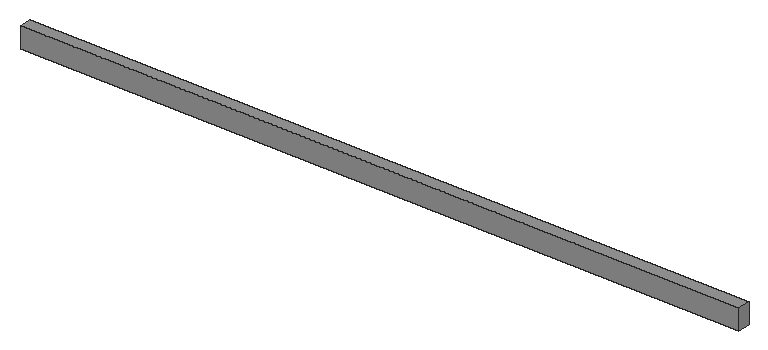
Revit family "A62_63_UN_Line Surface Mounted_ETK", category Lighting Fixtures, Revit 2019
Family settings
  Round Connector Dimension = Use Diameter
  Part Type = Normal
  OmniClass Number = 23.80.70.11.14.11
  OmniClass Title = Downlights
  Work Plane-Based = No
  Always vertical = Yes
  Cut with Voids When Loaded = No
  Light Source = Yes
  Shared = No
  Room Calculation Point = Yes
Parameters (values of type "A62.2 LED 82W 3000K 11510Lm zwart mat RAL9005 voedingsmodule 2805mm LINEpro light pendel (A6-604PL.A280.30.06)")
  Wattage Comments = "82"
  Wattage = 3.36605 W
  built-in parameter 1150110 = 1 (stored number, unit not read)
  Voltage = 230 V
  URL = "www.etk.nl"
  Type Comments = "Line Surface Mounted"
  built-in parameter 1114217 = 1 (stored number, unit not read)
  Tilt Angle = 90.00°
  built-in parameter 1150109 = 1 (stored number, unit not read)
  built-in parameter 1150134 = 3
  Symbol_ToScale [instance] = not(Symbol_RealSize)  # no
  Symbol_RealSize [instance] = yes
  Switch Code [instance] = ""
  built-in parameter 1150113 = 1 (stored number, unit not read)
  Photometric Web File = "A62.2810.35_LDT.ies"
  Model = "A62"
  Manufacturer = "ETK B.V."
  built-in parameter 1150105 = 39.789 (stored number, unit not read)
  Luminous Flux (lm) = 6346.3 lm
  Lumens = 6346.3 lm
  built-in parameter 1150115 = 1 (stored number, unit not read)
  Luminaire Code [instance] = ""
  built-in parameter 1150137 = (empty or 0)
  built-in parameter 1150139 = (empty or 0)
  built-in parameter 1150112 = 1 (stored number, unit not read)
  built-in parameter 1150114 = 1 (stored number, unit not read)
  Lamp = "LED"
  L4 = 2605 mm
  L3 = 2 mm
  L2 = 45 mm
  L1 = 2805 mm
  built-in parameter 1150132 = 2
  built-in parameter 1150102 = (empty or 0)
  built-in parameter 1150107 = 3200 (stored number, unit not read)
  built-in parameter 1150138 = (empty or 0)
  built-in parameter 1150106 = 0.39789 (stored number, unit not read)
  IfcExportType = "USERDEFINED"
  IfcExportAs = "IfcLightFixtureType"
  ISBN Code = "ISBNCODE"
  IP Value = "IP20"
  IK Value = "-"
  Housing_Material = Select RGB Value for different appearance
  H1 = 82 mm
  GTIN Code = "GTINCODE"
  Emit from Rectangle Width = L1 - (L3 * 2)  # 2801 mm
  Emit from Rectangle Length = L2 - (L3 * 2)  # 41 mm
  Emit Shape Visible in Rendering = no
  built-in parameter 1150104 = 13.8 (stored number, unit not read)
  ETIM Code = "ETIMCODE"
  Dimming Lamp Color Temperature Shift = (empty or 0)
  Description = ""
  Content Creator® = "www.ivlibrary.com"
  Color Filter = 16777215
  Calc_L2_Symbol = L2 / 100  # 0.45 mm
  Calc_L1_Symbol = L1 / 100  # 28.05 mm
  built-in parameter 1114218 = 1 (stored number, unit not read)
  built-in parameter 1150133 = 10 (stored number, unit not read)
  Assembly Code = "63.0"
  Apparent Load = 82 VA
Types (56, lengths in mm): name | Wattage Comments | Photometric Web File | Manufacturer | Luminous Flux (lm) | Lumens | L4 | L1 | Emit from Rectangle Width | Calc_L1_Symbol | Apparent Load
  A62.2 LED 82W 4000K 12000Lm zwart mat RAL9005 DALI voedingsmodule 2805mm LINEpro light pendel (A6-604PL.A280.40.06/DIMM 2-3) | "82" | "A62.2863.35_LDT.ies" | "ETK B.V." | 6618.1 lm | 6618.1 lm | 2605 | 2805 | 2801 | 28.05 | 82 VA
  A62.2 LED 82W 4000K 12000Lm wit mat RAL9003 DALI voedingsmodule 2805mm LINEpro light pendel (A6-604PL.A280.40.08/DIMM 2-3) | "82" | "A62.2863.15_LDT.ies" | "ETK B.V." | 6618.1 lm | 6618.1 lm | 2605 | 2805 | 2801 | 28.05 | 82 VA
  A62.2 LED 82W 4000K 12000Lm wit mat RAL9003 voedingsmodule 2805mm LINEpro light pendel (A6-604PL.A280.40.08) | "82" | "A62.2860.15_LDT.ies" | "ETK B.V." | 6618.1 lm | 6618.1 lm | 2605 | 2805 | 2801 | 28.05 | 82 VA
  A62.2 LED 82W 4000K 12000Lm zwart mat RAL9005 voedingsmodule 2805mm LINEpro light pendel (A6-604PL.A280.40.06) | "82" | "A62.2860.35_LDT.ies" | "ETK B.V." | 6618.1 lm | 6618.1 lm | 2605 | 2805 | 2801 | 28.05 | 82 VA
  A62.2 LED 82W 3000K 11510Lm zwart mat RAL9005 voedingsmodule 2805mm LINEpro light pendel (A6-604PL.A280.30.06) | "82" | "A62.2810.35_LDT.ies" | "ETK B.V." | 6346.3 lm | 6346.3 lm | 2605 | 2805 | 2801 | 28.05 | 82 VA
  A62.2 LED 82W 3000K 11510Lm wit mat RAL9003 voedingsmodule 2805mm LINEpro light pendel (A6-604PL.A280.30.08) | "82" | "A62.2810.15_LDT.ies" | "ETK B.V." | 6346.3 lm | 6346.3 lm | 2605 | 2805 | 2801 | 28.05 | 82 VA
  A62.2 LED 82W 3000K 11510Lm wit mat RAL9003 DALI voedingsmodule 2805mm LINEpro light pendel (A6-604PL.A280.30.08/DIMM 2-3) | "82" | "A62.2813.15_LDT.ies" | "ETK B.V." | 6346.3 lm | 6346.3 lm | 2605 | 2805 | 2801 | 28.05 | 82 VA
  A62.2 LED 82W 3000K 11510Lm zwart mat RAL9005 DALI voedingsmodule 2805mm LINEpro light pendel (A6-604PL.A280.30.06/DIMM 2-3) | "82" | "A62.2813.35_LDT.ies" | "ETK B.V." | 6346.3 lm | 6346.3 lm | 2605 | 2805 | 2801 | 28.05 | 82 VA
  A62.2 LED 75W 4000K 10800Lm wit mat RAL9003 voedingsmodule 2525mm LINEpro light pendel (A6-604PL.A252.40.08) | "75" | "A62.2760.15_LDT.ies" | "ETK B.V." | 5956.29 lm | 5956.29 lm | 2325 | 2525 | 2521 | 25.25 | 75 VA
  A62.2 LED 75W 4000K 10800Lm wit mat RAL9003 DALI voedingsmodule 2525mm LINEpro light pendel (A6-604PL.A252.40.08/DIMM 2-3) | "75" | "A62.2763.15_LDT.ies" | "ETK B.V." | 5956.29 lm | 5956.29 lm | 2325 | 2525 | 2521 | 25.25 | 75 VA
  A62.2 LED 75W 4000K 10800Lm zwart mat RAL9005 voedingsmodule 2525mm LINEpro light pendel (A6-604PL.A252.40.06) | "75" | "A62.2760.35_LDT.ies" | "ETK B.V." | 5956.29 lm | 5956.29 lm | 2325 | 2525 | 2521 | 25.25 | 75 VA
  A62.2 LED 75W 4000K 10800Lm zwart mat RAL9005 DALI voedingsmodule 2525mm LINEpro light pendel (A6-604PL.A252.40.06/DIMM 2-3) | "75" | "A62.2763.35_LDT.ies" | "ETK B.V." | 5956.29 lm | 5956.29 lm | 2325 | 2525 | 2521 | 25.25 | 75 VA
  A62.2 LED 75W 3000K 10360Lm zwart mat RAL9005 voedingsmodule 2525mm LINEpro light pendel (A6-604PL.A252.30.06) | "75" | "A62.2710.35_LDT.ies" | "ETK B.V." | 5711.67 lm | 5711.67 lm | 2325 | 2525 | 2521 | 25.25 | 75 VA
  A62.2 LED 75W 3000K 10360Lm wit mat RAL9003 DALI voedingsmodule 2525mm LINEpro light pendel (A6-604PL.A252.30.08/DIMM 2-3) | "75" | "A62.2713.15_LDT.ies" | "ETK B.V." | 5711.67 lm | 5711.67 lm | 2325 | 2525 | 2521 | 25.25 | 75 VA
  A62.2 LED 75W 3000K 10360Lm zwart mat RAL9005 DALI voedingsmodule 2525mm LINEpro light pendel (A6-604PL.A252.30.06/DIMM 2-3) | "75" | "A62.2713.35_LDT.ies" | "ETK B.V." | 5711.67 lm | 5711.67 lm | 2325 | 2525 | 2521 | 25.25 | 75 VA
  A62.2 LED 75W 3000K 10360Lm wit mat RAL9003 voedingsmodule 2525mm LINEpro light pendel (A6-604PL.A252.30.08) | "75" | "A62.2710.15_LDT.ies" | "ETK B.V." | 5711.67 lm | 5711.67 lm | 2325 | 2525 | 2521 | 25.25 | 75 VA
  A62.2 LED 67W 4000K 9600Lm zwart mat RAL9005 voedingsmodule 2245mm LINEpro light pendel (A6-604PL.A224.40.06) | "67" | "A62.2660.35_LDT.ies" | "ETK B.V." | 5294.48 lm | 5294.48 lm | 1000 | 2245 | 2241 | 22.45 | 67 VA
  A62.2 LED 67W 4000K 9600Lm wit mat RAL9003 DALI voedingsmodule 2245mm LINEpro light pendel (A6-604PL.A224.40.08/DIMM 2-3) | "67" | "A62.2663.15_LDT.ies" | "ETK B.V." | 5294.48 lm | 5294.48 lm | 1000 | 2245 | 2241 | 22.45 | 67 VA
  A62.2 LED 67W 4000K 9600Lm wit mat RAL9003 voedingsmodule 2245mm LINEpro light pendel (A6-604PL.A224.40.08) | "67" | "A62.2660.15_LDT.ies" | "ETK B.V." | 5294.48 lm | 5294.48 lm | 1000 | 2245 | 2241 | 22.45 | 67 VA
  A62.2 LED 67W 4000K 9600Lm zwart mat RAL9005 DALI voedingsmodule 2245mm LINEpro light pendel (A6-604PL.A224.40.06/DIMM 2-3) | "67" | "A62.2663.35_LDT.ies" | "ETK B.V." | 5294.48 lm | 5294.48 lm | 1000 | 2245 | 2241 | 22.45 | 67 VA
  A62.2 LED 67W 3000K 9205Lm zwart mat RAL9005 voedingsmodule 2245mm LINEpro light pendel (A6-604PL.A224.30.06) | "67" | "A62.2610.35_LDT.ies" | "ETK B.V." | 5077.84 lm | 5077.84 lm | 1000 | 2245 | 2241 | 22.45 | 67 VA
  A62.2 LED 67W 3000K 9205Lm wit mat RAL9003 DALI voedingsmodule 2245mm LINEpro light pendel (A6-604PL.A224.30.08/DIMM 2-3) | "67" | "A62.2613.15_LDT.ies" | "ETK B.V." | 5077.84 lm | 5077.84 lm | 1000 | 2245 | 2241 | 22.45 | 67 VA
  A62.2 LED 67W 3000K 9205Lm wit mat RAL9003 voedingsmodule 2245mm LINEpro light pendel (A6-604PL.A224.30.08) | "67" | "A62.2610.15_LDT.ies" | "ETK B.V." | 5077.84 lm | 5077.84 lm | 1000 | 2245 | 2241 | 22.45 | 67 VA
  A62.2 LED 67W 3000K 9205Lm zwart mat RAL9005 DALI voedingsmodule 2245mm LINEpro light pendel (A6-604PL.A224.30.06/DIMM 2-3) | "67" | "A62.2613.35_LDT.ies" | "ETK B.V." | 5077.84 lm | 5077.84 lm | 1000 | 2245 | 2241 | 22.45 | 67 VA
  A62.2 LED 60W 4000K 8400Lm wit mat RAL9003 DALI voedingsmodule 1965mm LINEpro light pendel (A6-604PL.A196.40.08/DIMM 2-3) | "60" | "A62.2563.15_LDT.ies" | "ETK B.V." | 4632.68 lm | 4632.68 lm | 1000 | 1965 | 1961 | 19.65 | 60 VA
  A62.2 LED 60W 4000K 8400Lm zwart mat RAL9005 voedingsmodule 1965mm LINEpro light pendel (A6-604PL.A196.40.06) | "60" | "A62.2560.35_LDT.ies" | "ETK B.V." | 4632.68 lm | 4632.68 lm | 1000 | 1965 | 1961 | 19.65 | 60 VA
  A62.2 LED 60W 4000K 8400Lm wit mat RAL9003 voedingsmodule 1965mm LINEpro light pendel (A6-604PL.A196.40.08) | "60" | "A62.2560.15_LDT.ies" | "ETK B.V." | 4632.68 lm | 4632.68 lm | 1000 | 1965 | 1961 | 19.65 | 60 VA
  A62.2 LED 60W 4000K 8400Lm zwart mat RAL9005 DALI voedingsmodule 1965mm LINEpro light pendel (A6-604PL.A196.40.06/DIMM 2-3) | "60" | "A62.2563.35_LDT.ies" | "ETK B.V." | 4632.68 lm | 4632.68 lm | 1000 | 1965 | 1961 | 19.65 | 60 VA
  A62.2 LED 60W 3000K 8055Lm wit mat RAL9003 voedingsmodule 1965mm LINEpro light pendel (A6-604PL.A196.30.08) | "60" | "A62.2510.15_LDT.ies" | "ETK B.V." | 4442.41 lm | 4442.41 lm | 1000 | 1965 | 1961 | 19.65 | 60 VA
  A62.2 LED 60W 3000K 8055Lm zwart mat RAL9005 voedingsmodule 1965mm LINEpro light pendel (A6-604PL.A196.30.06) | "60" | "A62.2510.35_LDT.ies" | "ETK B.V." | 4442.41 lm | 4442.41 lm | 1000 | 1965 | 1961 | 19.65 | 60 VA
  A62.2 LED 60W 3000K 8055Lm zwart mat RAL9005 DALI voedingsmodule 1965mm LINEpro light pendel (A6-604PL.A196.30.06/DIMM 2-3) | "60" | "A62.2513.35_LDT.ies" | "ETK B.V." | 4442.41 lm | 4442.41 lm | 1000 | 1965 | 1961 | 19.65 | 60 VA
  A62.2 LED 60W 3000K 8055Lm wit mat RAL9003 DALI voedingsmodule 1965mm LINEpro light pendel (A6-604PL.A196.30.08/DIMM 2-3) | "60" | "A62.2513.15_LDT.ies" | "ETK B.V." | 4442.41 lm | 4442.41 lm | 1000 | 1965 | 1961 | 19.65 | 60 VA
  A62.2 LED 51W 4000K 7200Lm wit mat RAL9003 voedingsmodule 1685mm LINEpro light pendel (A6-604PL.A168.40.08) | "51" | "A62.2460.15_LDT.ies" | "ETK B.V." | 3970.86 lm | 3970.86 lm | 1485 | 1685 | 1681 | 16.85 | 51 VA
  A62.2 LED 51W 4000K 7200Lm wit mat RAL9003 DALI voedingsmodule 1685mm LINEpro light pendel (A6-604PL.A168.40.08/DIMM 2-3) | "51" | "A62.2463.15_LDT.ies" | "ETK B.V." | 3970.86 lm | 3970.86 lm | 1485 | 1685 | 1681 | 16.85 | 51 VA
  A62.2 LED 51W 4000K 7200Lm zwart mat RAL9005 DALI voedingsmodule 1685mm LINEpro light pendel (A6-604PL.A168.40.06/DIMM 2-3) | "51" | "A62.2463.35_LDT.ies" | "ETK B.V." | 3970.86 lm | 3970.86 lm | 1485 | 1685 | 1681 | 16.85 | 51 VA
  A62.2 LED 51W 4000K 7200Lm zwart mat RAL9005 voedingsmodule 1685mm LINEpro light pendel (A6-604PL.A168.40.06) | "51" | "A62.2460.35_LDT.ies" | "ETK B.V." | 3970.86 lm | 3970.86 lm | 1485 | 1685 | 1681 | 16.85 | 51 VA
  A62.2 LED 51W 3000K 6905Lm wit mat RAL9003 DALI voedingsmodule 1685mm LINEpro light pendel (A6-604PL.A168.30.08/DIMM 2-3) | "51" | "A62.2413.15_LDT.ies" | "ETK B.V." | 3807.78 lm | 3807.78 lm | 1485 | 1685 | 1681 | 16.85 | 51 VA
  A62.2 LED 51W 3000K 6905Lm zwart mat RAL9005 voedingsmodule 1685mm LINEpro light pendel (A6-604PL.A168.30.06) | "51" | "A62.2410.35_LDT.ies" | "ETK B.V." | 3807.78 lm | 3807.78 lm | 1485 | 1685 | 1681 | 16.85 | 51 VA
  A62.2 LED 51W 3000K 6905Lm wit mat RAL9003 voedingsmodule 1685mm LINEpro light pendel (A6-604PL.A168.30.08) | "51" | "A62.2410.15_LDT.ies" | "ETK B.V." | 3807.78 lm | 3807.78 lm | 1485 | 1685 | 1681 | 16.85 | 51 VA
  A62.2 LED 51W 3000K 6905Lm zwart mat RAL9005 DALI voedingsmodule 1685mm LINEpro light pendel (A6-604PL.A168.30.06/DIMM 2-3) | "51" | "A62.2413.35_LDT.ies" | "ETK B.V." | 3807.78 lm | 3807.78 lm | 1485 | 1685 | 1681 | 16.85 | 51 VA
  A62.2 LED 44W 3000K 5755Lm zwart mat RAL9005 voedingsmodule 1405mm LINEpro light pendel (A6-604PL.A140.30.06) | "44" | "A62.2310.35_LDT.ies" | "ETK B.V." | 3173.15 lm | 3173.15 lm | 1205 | 1405 | 1401 | 14.05 | 44 VA
  A62.2 LED 44W 3000K 5755Lm wit mat RAL9003 DALI voedingsmodule 1405mm LINEpro light pendel (A6-604PL.A140.30.08/DIMM 2-3) | "44" | "A62.2313.15_LDT.ies" | "ETK B.V." | 3173.15 lm | 3173.15 lm | 1205 | 1405 | 1401 | 14.05 | 44 VA
  A62.2 LED 44W 3000K 5755Lm zwart mat RAL9005 DALI voedingsmodule 1405mm LINEpro light pendel (A6-604PL.A140.30.06/DIMM 2-3) | "44" | "A62.2313.35_LDT.ies" | "ETK B.V." | 3173.15 lm | 3173.15 lm | 1205 | 1405 | 1401 | 14.05 | 44 VA
  A62.2 LED 44W 3000K 5755Lm wit mat RAL9003 voedingsmodule 1405mm LINEpro light pendel (A6-604PL.A140.30.08) | "44" | "A62.2310.15_LDT.ies" | "ETK B.V." | 3173.15 lm | 3173.15 lm | 1205 | 1405 | 1401 | 14.05 | 44 VA
  A62.2 LED 44W 4000K 6000Lm zwart mat RAL9005 voedingsmodule 1405mm LINEpro light pendel (A6-604PL.A140.40.06) | "44" | "A62.2360.35_LDT.ies" | "ETK B.V." | 3309.05 lm | 3309 lm | 1205 | 1405 | 1401 | 14.05 | 44 VA
  A62.2 LED 44W 4000K 6000Lm wit mat RAL9003 DALI voedingsmodule 1405mm LINEpro light pendel (A6-604PL.A140.40.08/DIMM 2-3) | "44" | "A62.2363.15_LDT.ies" | "ETK B.V." | 3309.05 lm | 3309 lm | 1205 | 1405 | 1401 | 14.05 | 44 VA
  A62.2 LED 44W 4000K 6000Lm wit mat RAL9003 voedingsmodule 1405mm LINEpro light pendel (A6-604PL.A140.40.08) | "44" | "A62.2360.15_LDT.ies" | "ETK B.V." | 3309.05 lm | 3309 lm | 1205 | 1405 | 1401 | 14.05 | 44 VA
  A62.2 LED 44W 4000K 6000Lm zwart mat RAL9005 DALI voedingsmodule 1405mm LINEpro light pendel (A6-604PL.A140.40.06/DIMM 2-3) | "44" | "A62.2363.35_LDT.ies" | "ETK B.V." | 3309.05 lm | 3309 lm | 1205 | 1405 | 1401 | 14.05 | 44 VA
  A62.2 LED 35W 4000K 4800Lm zwart mat RAL9005 voedingsmodule 1125mm LINEpro light pendel (A6-604PL.A112.40.06) | "35" | "A62.2260.35_LDT.ies" | "ETK" | 2647.24 lm | 2647.24 lm | 925 | 1125 | 1121 | 11.25 | 35 VA
  A62.2 LED 35W 4000K 4800Lm wit mat RAL9003 voedingsmodule 1125mm LINEpro light pendel (A6-604PL.A112.40.08) | "35" | "A62.2260.15_LDT.ies" | "ETK" | 2647.24 lm | 2647.24 lm | 925 | 1125 | 1121 | 11.25 | 35 VA
  A62.2 LED 35W 4000K 4800Lm zwart mat RAL9005 DALI voedingsmodule 1125mm LINEpro light pendel (A6-604PL.A112.40.06/DIMM 2-3) | "35" | "A62.2263.35_LDT.ies" | "ETK" | 2647.24 lm | 2647.24 lm | 925 | 1125 | 1121 | 11.25 | 35 VA
  A62.2 LED 35W 4000K 4800Lm wit mat RAL9003 DALI voedingsmodule 1125mm LINEpro light pendel (A6-604PL.A112.40.08/DIMM 2-3) | "35" | "A62.2263.15_LDT.ies" | "ETK" | 2647.24 lm | 2647.24 lm | 925 | 1125 | 1121 | 11.25 | 35 VA
  A62.2 LED 35W 3000K 4600Lm wit mat RAL9003 voedingsmodule 1125mm LINEpro light pendel (A6-604PL.A112.30.08) | "35" | "A62.2210.15_LDT.ies" | "ETK" | 2538.54 lm | 2538.54 lm | 925 | 1125 | 1121 | 11.25 | 35 VA
  A62.2 LED 35W 3000K 4600Lm wit mat RAL9003 DALI voedingsmodule 1125mm LINEpro light pendel (A6-604PL.A112.30.08/DIMM 2-3) | "35" | "A62.2213.15_LDT.ies" | "ETK" | 2538.54 lm | 2538.54 lm | 925 | 1125 | 1121 | 11.25 | 35 VA
  A62.2 LED 35W 3000K 4600Lm zwart mat RAL9005 DALI voedingsmodule 1125mm LINEpro light pendel (A6-604PL.A112.30.06/DIMM 2-3) | "35" | "A62.2213.35_LDT.ies" | "ETK" | 2538.54 lm | 2538.54 lm | 925 | 1125 | 1121 | 11.25 | 35 VA
  A62.2 LED 35W 3000K 4600Lm zwart mat RAL9005 voedingsmodule 1125mm LINEpro light pendel (A6-604PL.A112.30.06) | "35" | "A62.2210.35_LDT.ies" | "ETK" | 2538.54 lm | 2538.54 lm | 925 | 1125 | 1121 | 11.25 | 35 VA
Reference planes
  plane 1 "Center (Front/Back)": y = 0
  plane 2: z = 0
  plane 3 "Center (Left/Right)": x = 0
  plane 4: x = -1400.5
  plane 5: x = 1400.5
  plane 6: y = 20.5
  plane 7: y = -20.5
  plane 8: x = -1402.5
  plane 9: x = 1402.5
  plane 10: y = -22.5
  plane 11: y = 22.5
  plane 12: z = 0
  plane 13: z = -82
Lines and regions (mm)
  symbolic lines, visible <- "Symbol_RealSize"
    curve 1: line (-1402.5, -22.5, 0) -> (1402.5, -22.5, 0)
    curve 2: line (-1402.5, 22.5, 0) -> (-1402.5, -22.5, 0)
    curve 3: line (1402.5, 22.5, 0) -> (-1402.5, 22.5, 0)
    curve 4: line (1402.5, -22.5, 0) -> (1402.5, 22.5, 0)
Dimensions and locks
  equal spacing: plane 11, plane 1 "Center (Front/Back)", plane 10
  equal spacing: plane 8, plane 3 "Center (Left/Right)", plane 9
  "L1": plane 8 to plane 9
  "L2": plane 11 to plane 10
  "L3": plane 8 to plane 4
  "L3": plane 5 to plane 9
  "L3": plane 6 to plane 11
  "L3": plane 7 to plane 10
  "H1": plane 12 to plane 13
  level to plane 12 = 0 mm
  aligned and locked: level to plane 2
  aligned and locked: nested 2 to plane 12
  aligned and locked: imposter light to plane 13
Automatic sketch dimensions
  curve 3 to plane 8 = 0 mm
  curve 1 to plane 9 = 0 mm
  curve 2 to plane 10 = 0 mm
  plane 11 to curve 2 = 0 mm
Nested families
  nested 1: "Parametric Light-Line Symbol" at (0, 0, 0), L1 <- "Calc_L1_Symbol", L2 <- "Calc_L2_Symbol", visible <- "Symbol_ToScale", type "Parametric LED Panel Symbol"
    with L2 0.45 mm, L1 28.05 mm
  nested 2: "SU Light-line Geometry" at (0, 0, 0), type "Type Catalog"
    with Symbol_ToScale no, Symbol_RealSize yes, Switch Code "", Luminaire Code "", L3 2 mm, L2 45 mm, L1 2805 mm, H1 82 mm, Calc_L2_Symbol 0.45 mm, Calc_L1_Symbol 28.05 mm
Connectors
  electrical at (0, 0, 0), driven by "Voltage", driven by "Apparent Load"
    settings: index 1, voltage 230 V, apparent load 0 VA, apparent load phase1 82 VA, apparent load phase2 0 VA, apparent load phase3 0 VA, power factor 1, load classification "Lighting", number of poles 1, system type 31, power factor state 1, is connector primary yes, connector utility no, sub classification motor no, connector description ""
Definition of nested family "SU Light-line Geometry"
  Parameters (values of type "Type Catalog")
    Wattage Comments = "19W"
    Voltage = 230 V
    URL = "https://www.ivlibrary.com/"
    Type Comments = "TYPENAME"
    Symbol_ToScale [instance] = not(Symbol_RealSize)  # no
    Symbol_RealSize [instance] = yes
    Switch Code [instance] = ""
    Model = "FAMILYNAME"
    Manufacturer = "MANUFACTURER"
    Luminous Flux (lm) = 500 lm
    Luminaire Code [instance] = ""
    Lamp = "LED"
    LED Panel = yes
    L3 = 7 mm
    L2 = 100 mm
    L1 = 1500 mm
    IfcExportType = "USERDEFINED"
    IfcExportAs = "IfcLightFixtureType"
    ISBN Code = "ISBNCODE"
    IP Value = "IPVALUE"
    IK Value = "IKVALUE"
    Housing_Material = none
    H1 = 77 mm
    GTIN Code = "GTINCODE"
    ETIM Code = "ETIMCODE"
    Description = ""
    Content Creator® = "www.ivlibrary.com"
    Calc_L2_Symbol = L2 / 100  # 1 mm
    Calc_L1_Symbol = L1 / 100  # 15 mm
    Assembly Code = "63.0"
    Apparent Load = 19 VA
  Reference planes
    plane 1 "Center (Front/Back)": y = 0
    plane 2: z = 0
    plane 3 "Center (Left/Right)": x = 0
    plane 4: x = -743
    plane 5: x = 743
    plane 6: y = 43
    plane 7: y = -43
    plane 8: x = -750
    plane 9: x = 750
    plane 10: y = -50
    plane 11: y = 50
  Forms (mm)
    Extrusion 1, solid, material <- "Housing_Material"
      sketch origin (0, 0, -77) x (1, 0, 0) y (0, 1, 0)
        loop
          line (-743, 43) -> (-743, -43) -> (743, -43) -> (743, 43) -> (-743, 43)
      from 0.897 to 77
    Extrusion 2, solid, material <- "Housing_Material"
      sketch origin (0, 0, -243) x (1, 0, 0) y (0, 1, 0)
        loop
          line (-743, 43) -> (-743, -43) -> (743, -43) -> (743, 43) -> (-743, 43)
        loop
          line (-750, -50) -> (750, -50) -> (750, 50) -> (-750, 50) -> (-750, -50)
      from 243 to 166
    Extrusion 3, solid
      sketch origin (0, 0, -79.5) x (1, 0, 0) y (0, 1, 0)
        loop
          line (-743, 43) -> (-743, -43) -> (743, -43) -> (743, 43) -> (-743, 43)
      from 3.397 to 2.5
  Cuts and joins
    joined: Extrusion 1, Extrusion 2
  Lines and regions (mm)
    symbolic lines, visible <- "Symbol_RealSize"
      curve 1: line (-750, -50, 0) -> (750, -50, 0)
      curve 2: line (-750, 50, 0) -> (-750, -50, 0)
      curve 3: line (750, 50, 0) -> (-750, 50, 0)
      curve 4: line (750, -50, 0) -> (750, 50, 0)
  Dimensions and locks
    equal spacing: plane 11, plane 1 "Center (Front/Back)", plane 10
    equal spacing: plane 8, plane 3 "Center (Left/Right)", plane 9
    "L1": plane 8 to plane 9
    "L2": plane 11 to plane 10
    "L3": plane 8 to plane 4
    "L3": plane 5 to plane 9
    "L3": plane 6 to plane 11
    "L3": plane 7 to plane 10
    "H1": level to Extrusion 2
    Extrusion 1 to Extrusion 2 = 0.897 mm
    locked: Extrusion 3 to Extrusion 2 at 0.897
    aligned and locked: level to plane 2
    aligned and locked: level to Extrusion 2
    aligned and locked: Extrusion 2 to Extrusion 3
    aligned and locked: Extrusion 1 to Extrusion 3
  Automatic sketch dimensions
    curve 3 to plane 8 = 0 mm
    curve 3 to plane 9 = 0 mm
    curve 1 to plane 10 = 0 mm
    plane 11 to curve 3 = 0 mm
    Extrusion 1 sketch curve to plane 4 = 0 mm
    Extrusion 1 sketch curve to plane 5 = 0 mm
    Extrusion 1 sketch curve to plane 7 = 0 mm
    Extrusion 1 sketch curve to plane 6 = 0 mm
    Extrusion 2 sketch curve to plane 8 = 0 mm
    Extrusion 2 sketch curve to plane 4 = 0 mm
    Extrusion 2 sketch curve to plane 5 = 0 mm
    Extrusion 2 sketch curve to plane 9 = 0 mm
    Extrusion 2 sketch curve to plane 10 = 0 mm
    Extrusion 2 sketch curve to plane 7 = 0 mm
    Extrusion 2 sketch curve to plane 6 = 0 mm
    plane 11 to Extrusion 2 sketch curve = 0 mm
    Extrusion 3 sketch curve to plane 4 = 0 mm
    Extrusion 3 sketch curve to plane 5 = 0 mm
    Extrusion 3 sketch curve to plane 7 = 0 mm
    Extrusion 3 sketch curve to plane 6 = 0 mm
  Nested families
    nested 1: "Parametric Light-Line Symbol" at (0, 0, 0), L1 <- "Calc_L1_Symbol", L2 <- "Calc_L2_Symbol", visible <- "Symbol_ToScale", type "Parametric LED Panel Symbol"
      with L2 1 mm, L1 15 mm
  Connectors
    electrical at (0, 0, 0), driven by "Voltage", driven by "Apparent Load"
      settings: index 2, voltage 230 V, apparent load 0 VA, apparent load phase1 19 VA, apparent load phase2 0 VA, apparent load phase3 0 VA, power factor 1, load classification none, number of poles 1, system type 31, power factor state 1, is connector primary yes, connector utility no, sub classification motor no, connector description ""
  Definition of nested family "Parametric Light-Line Symbol"
    Parameters (values of type "Parametric LED Panel Symbol")
      L2 [instance] = 4.484 mm
      L1 [instance] = 6.437 mm
    Reference planes
      plane 1: y = 0
      plane 2: x = 0
    Lines and regions (mm)
      detail lines
        curve 1: line (-3.219, 2.242, 0) -> (3.219, 2.242, 0)
        curve 2: line (-3.219, -2.242, 0) -> (-3.219, 2.242, 0)
        curve 3: line (3.219, -2.242, 0) -> (-3.219, -2.242, 0)
        curve 4: line (3.219, 2.242, 0) -> (3.219, -2.242, 0)
    Dimensions and locks
      equal spacing: curve 2, plane 2, curve 4
      equal spacing: curve 3, plane 1, curve 1
      "L1": curve 2 to curve 4
      "L2": curve 3 to curve 1
Definition of nested family "Parametric Light-Line Symbol"
  Parameters (values of type "Parametric LED Panel Symbol")
    L2 [instance] = 4.484 mm
    L1 [instance] = 6.437 mm
  Reference planes
    plane 1: y = 0
    plane 2: x = 0
  Lines and regions (mm)
    detail lines
      curve 1: line (-3.219, 2.242, 0) -> (3.219, 2.242, 0)
      curve 2: line (-3.219, -2.242, 0) -> (-3.219, 2.242, 0)
      curve 3: line (3.219, -2.242, 0) -> (-3.219, -2.242, 0)
      curve 4: line (3.219, 2.242, 0) -> (3.219, -2.242, 0)
  Dimensions and locks
    equal spacing: curve 2, plane 2, curve 4
    equal spacing: curve 3, plane 1, curve 1
    "L1": curve 2 to curve 4
    "L2": curve 3 to curve 1
